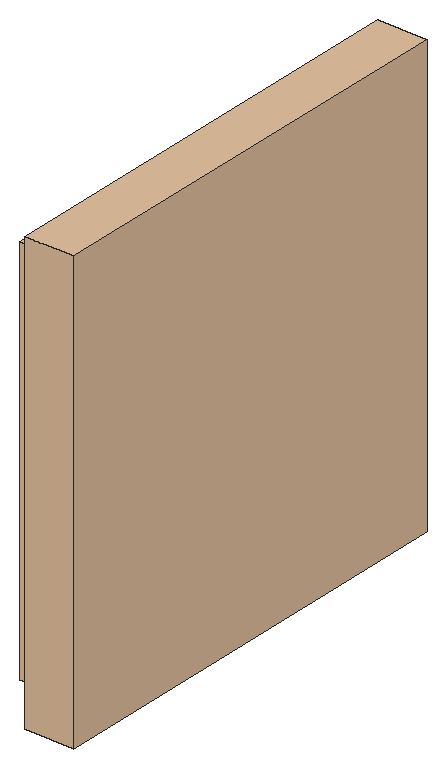
Revit family "Termination - Wood - Rectangular", category Terminations, Revit 2019
Family settings
  Work Plane-Based = No
  Always vertical = Yes
  Cut with Voids When Loaded = No
  Shared = No
Parameters
  Termination Material = Cherry
  T1 = 0' - 0 1/4"
  Width = 0' - 4"
  Extension Length = 0' - 0 3/4"
Reference planes (in)
  plane 1 "Center (Front/Back)": y = 0
  plane 2: z = 0
  plane 3 "Center (Left/Right)": x = 0
  plane 4: x = 0.75
  plane 5: x = 0.25
  plane 6: z = 2
  plane 7: z = -2
  plane 8: y = 2
  plane 9: y = -2
  plane 10: y = 2.25
  plane 11: y = -2.25
  plane 12: z = 2.25
  plane 13: z = -2.25
Forms (in)
  Extrusion 1, solid, material "Cherry" <- "Termination Material"
    sketch origin (0, 0, 0) x (0, 1, 0) y (0, 0, 1)
      loop
        line (2, 2) -> (-2, 2) -> (-2, -2) -> (2, -2) -> (2, 2)
    from 0 to 0.25
  Extrusion 2, solid, material "Cherry" <- "Termination Material"
    sketch origin (0, 0, 0) x (0, 1, 0) y (0, 0, 1)
      loop
        line (2.25, 2.25) -> (-2.25, 2.25) -> (-2.25, -2.25) -> (2.25, -2.25) -> (2.25, 2.25)
    from 0.25 to 0.75
Lines and regions (in)
  Masking region 1, detail levels fine
    outline origin (0, 0, 0) x (1, 0, 0) y (0, 1, 0)
      loop
        line (0, 2) -> (0, -2) -> (0.25, -2) -> (0.25, -2.25) -> (0.75, -2.25) -> (0.75, 2.25) -> (0.25, 2.25) -> (0.25, 2) -> (0, 2)
  symbolic lines, detail levels fine
    curve 1: line (0.25, 2.25, 0) -> (0.75, 2.25, 0)
    curve 2: line (0.25, -2.25, 0) -> (0.25, 2.25, 0)
    curve 3: line (0.75, -2.25, 0) -> (0.25, -2.25, 0)
    curve 4: line (0.75, 2.25, 0) -> (0.75, -2.25, 0)
    curve 5: line (0.25, 2, 0) -> (0, 2, 0)
    curve 6: line (0, 2, 0) -> (0, -2, 0)
    curve 7: line (0, -2, 0) -> (0.25, -2, 0)
Dimensions and locks (in)
  "Extension Length": plane 3 "Center (Left/Right)" to plane 4
  equal spacing: plane 6, level, plane 7
  equal spacing: plane 8, plane 1 "Center (Front/Back)", plane 9
  "Width": plane 8 to plane 9
  "Width": plane 6 to plane 7
  locked: plane 12 to plane 6 at 0.25
  locked: plane 7 to plane 13 at 0.25
  locked: plane 10 to plane 8 at 0.25
  locked: plane 9 to plane 11 at 0.25
  "T1": plane 3 "Center (Left/Right)" to plane 5
  aligned and locked: plane 2 to level
  aligned and locked: Extrusion 1 sketch curve to plane 6
  aligned and locked: Extrusion 1 sketch curve to plane 9
  aligned and locked: plane 7 to Extrusion 1 sketch curve
  aligned and locked: plane 8 to Extrusion 1 sketch curve
  aligned and locked: plane 5 to Extrusion 1
  aligned and locked: plane 12 to Extrusion 2 sketch curve
  aligned and locked: Extrusion 2 sketch curve to plane 10
  aligned and locked: Extrusion 2 sketch curve to plane 13
  aligned and locked: plane 11 to Extrusion 2 sketch curve
  aligned and locked: Extrusion 2 to plane 5
  aligned and locked: plane 4 to Extrusion 2
  aligned and locked: plane 10 to Masking region 1 sketch curve
  aligned and locked: Masking region 1 sketch curve to plane 11
  aligned and locked: Masking region 1 sketch curve to plane 4
  aligned and locked: plane 5 to Masking region 1 sketch curve  (x2)
  aligned and locked: Masking region 1 sketch curve to plane 9
  aligned and locked: plane 8 to Masking region 1 sketch curve
  aligned and locked: plane 3 "Center (Left/Right)" to Masking region 1 sketch curve
  aligned and locked: curve 6 to plane 3 "Center (Left/Right)"
  aligned and locked: curve 5 to plane 8
  aligned and locked: plane 9 to curve 7
  aligned and locked: plane 5 to curve 2
  aligned and locked: curve 4 to plane 4
  aligned and locked: plane 10 to curve 1
  aligned and locked: curve 3 to plane 11
  aligned and locked: plane 4 to Masking region 1
